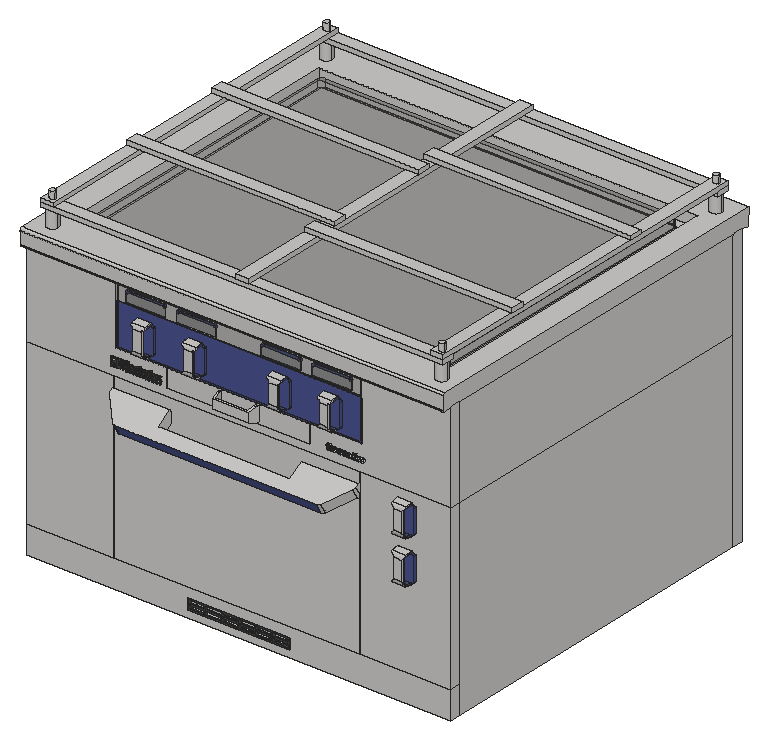
Revit family "QF_ELECTROLUXPROFESSIONAL_589884_MCLMEAJ8DM", category Specialty Equipment, Revit 2014
Parameters
  Weight in Pounds = 487.22
  URL Cutsheet = ""
  Type Mark [instance] = ""
  Specification by User [instance] = ""
  Specification by Manufacturer = ""
  Serial Number = ""
  Seismic Rating = ""
  SMACNA No = ""
  Revision Code [instance] = ""
  Omniclass Number and Title = ""
  NAFEM Spec ID Number = ""
  Model = "589585"
  Masterspec = ""
  Manufacturer = "ELECTROLUX"
  Item Number [instance] = ""
  Installed By [instance] = ""
  Identify Quantity as Lot [instance] = yes
  Furnished By [instance] = ""
  Foodservice Equipment Identifier [instance] = yes
  Description = "FULL IND+STAT.OVEN,TAP(L)1S,1200X900X700"
  CSI MasterFormat = ""
  CSI Master Format = ""
Reference planes
  plane 1 "BACK": y = 0
  plane 2: z = 0
  plane 3 "LEFT": x = -100
  plane 4 "RIGHT": x = 900
  plane 5 "FRONT": y = -900
  plane 6 "TOP": z = 900
  plane 7 "Center (Left/Right)": x = 400
  plane 8: y = -450
  plane 9: z = 200
  plane 10: y = -150
  plane 11 "Panel": y = -855
  plane 12: z = 798
  plane 13: z = 1327
  plane 14: x = -22
  plane 15: x = 822
  plane 16: y = -150
  plane 17: y = -650
  plane 18 "EIx": x = 855
  plane 19 "EIy": y = -685
  plane 20: y = -880
  plane 21 "G1": z = 940
  plane 22 "TOPG": z = 975
  plane 23 "G2": z = 950
  plane 24 "G3": z = 960
  plane 25: x = -60
  plane 26: y = -45
  plane 27: x = 860
Forms (mm)
  Extrusion 1, solid, material "QF_Finishes_Stainless Steel"
    sketch origin (-178.969, -4572, 200) x (-1, 0, 0) y (0, -1, 0)
      loop
        line (-78.969, -4527) -> (-78.969, -3717) -> (-1078.969, -3717) -> (-1078.969, -4527) -> (-78.969, -4527)
    from 450 to 663
  Extrusion 2, solid, material "QF_Finishes_Stainless Steel"
    sketch origin (-100, 0, 0) x (0, 1, 0) y (0, 0, 1)
      loop
        line (-855, 200) -> (-855, 265) -> (-880, 265) -> (-880, 200) -> (-855, 200)
    from 0 to 1000
  Extrusion 3, solid, material "QF_Finishes_Stainless Steel"
    sketch origin (-488.969, -4662, 200) x (-1, 0, 0) y (0, -1, 0)
      loop
        circle (-1343.969, -3977) r 6.35
    from 0 to -11.851
  Extrusion 4, solid, material "QF_Finishes_Stainless Steel"
    sketch origin (400, 296.4, 1219.2) x (0, 1, 0) y (0, 0, 1)
      loop
        line (-296.4, -319.2) -> (-1191.4, -319.2)
        arc (-1191.4, -319.2) -> (-1194.935, -320.664) -> (-1196.4, -324.2) r 5
        line (-1196.4, -324.2) -> (-1196.4, -355.2)
        arc (-1196.4, -355.2) -> (-1194.971, -358.264) -> (-1191.705, -359.139) r 4
        line (-1191.705, -359.139) -> (-1176.4, -356.231) -> (-316.4, -356.231) -> (-301.094, -359.139)
        arc (-301.094, -359.139) -> (-297.829, -358.264) -> (-296.4, -355.2) r 4
        line (-296.4, -355.2) -> (-296.4, -319.2)
    from -500 to 500
  Extrusion 5, solid, material "QF_Finishes_Electrolux_Black Smoke Iluminated"
    sketch origin (0, 0, 900) x (-1, 0, 0) y (0, -1, 0)
      loop
        arc (12, 109) -> (19.071, 111.929) -> (22, 119) r 10
        line (22, 119) -> (22, 780)
        arc (22, 780) -> (19.071, 787.071) -> (12, 790) r 10
        line (12, 790) -> (-812, 790)
        arc (-812, 790) -> (-819.071, 787.071) -> (-822, 780) r 10
        line (-822, 780) -> (-822, 119)
        arc (-822, 119) -> (-819.071, 111.929) -> (-812, 109) r 10
        line (-812, 109) -> (12, 109)
    from 0 to -20
  Extrusion 6, solid, material "QF_Finishes_Stainless Steel"
    sketch origin (-178.969, -4572, 200) x (-1, 0, 0) y (0, -1, 0)
      loop
        line (-78.969, -4527) -> (-78.969, -3717) -> (-1078.969, -3717) -> (-1078.969, -4527) -> (-78.969, -4527)
    from 450 to 0
  Extrusion 7, void
    sketch origin (0, -855, 0) x (-1, 0, 0) y (0, 0, 1)
      loop
        line (-520, 216.594) -> (-280, 216.594) -> (-280, 241.594) -> (-520, 241.594) -> (-520, 216.594)
    from 0 to -25
  Extrusion 8, solid, material "QF_Finishes_Black"
    sketch origin (0, -855, 0) x (-1, 0, 0) y (0, 0, 1)
      loop
        line (-280, 241.594) -> (-520, 241.594) -> (-520, 216.594) -> (-280, 216.594) -> (-280, 241.594)
      loop
        line (-282, 239.594) -> (-319.131, 239.594) -> (-319.131, 230.094) -> (-282, 230.094) -> (-282, 239.594)
      loop
        line (-282, 218.594) -> (-282, 228.094) -> (-319.131, 228.094) -> (-319.131, 218.594) -> (-282, 218.594)
      loop
        line (-321.131, 239.594) -> (-359.066, 239.594) -> (-359.066, 230.094) -> (-321.131, 230.094) -> (-321.131, 239.594)
      loop
        line (-399, 239.594) -> (-399, 230.094) -> (-361.066, 230.094) -> (-361.066, 239.594) -> (-399, 239.594)
      loop
        line (-401, 239.594) -> (-438.934, 239.594) -> (-438.934, 230.094) -> (-401, 230.094) -> (-401, 239.594)
      loop
        line (-359.066, 218.594) -> (-321.131, 218.594) -> (-321.131, 228.094) -> (-359.066, 228.094) -> (-359.066, 218.594)
      loop
        line (-361.066, 218.594) -> (-361.066, 228.094) -> (-399, 228.094) -> (-399, 218.594) -> (-361.066, 218.594)
      loop
        line (-401, 228.094) -> (-438.934, 228.094) -> (-438.934, 218.594) -> (-401, 218.594) -> (-401, 228.094)
      loop
        line (-518, 239.594) -> (-518, 230.094) -> (-480.869, 230.094) -> (-480.869, 239.594) -> (-518, 239.594)
      loop
        line (-518, 218.594) -> (-480.869, 218.594) -> (-480.869, 228.094) -> (-518, 228.094) -> (-518, 218.594)
      loop
        line (-478.869, 239.594) -> (-478.869, 230.094) -> (-440.934, 230.094) -> (-440.934, 239.594) -> (-478.869, 239.594)
      loop
        line (-440.934, 218.594) -> (-440.934, 228.094) -> (-478.869, 228.094) -> (-478.869, 218.594) -> (-440.934, 218.594)
    from -25.03 to -20
  Extrusion 9, void
    sketch origin (0, 0, 900) x (-1, 0, 0) y (0, -1, 0)
      loop
        line (47, 815) -> (-847, 815) -> (-847, 84) -> (47, 84) -> (47, 815)
    from 0 to -25
  Extrusion 10, solid, material "QF_Finishes_Stainless Steel"
    sketch origin (0, 0, 900) x (-1, 0, 0) y (0, -1, 0)
      loop
        line (18, 113) -> (18, 786) -> (-818, 786) -> (-818, 113) -> (18, 113)
    from -20 to -25
  Extrusion 11, solid, material "QF_Finishes_Stainless Steel"
    sketch origin (400, 296.4, 1219.169) x (0, 1, 0) y (0, 0, 1)
      loop
        line (-341.4, -356.2) -> (-341.4, -1019.169) -> (-316.4, -1019.169) -> (-316.4, -356.2) -> (-341.4, -356.2)
    from -500 to 500
  Extrusion 12, solid, material "QF_Finishes_Stainless Steel"
    sketch origin (0, 0, 940) x (0, 1, 0) y (-1, 0, 0)
      loop
        line (-30, 75) -> (-60, 75) -> (-60, -875) -> (-30, -875) -> (-30, 75)
      loop
        line (-870, 75) -> (-870, -875) -> (-840, -875) -> (-840, 75) -> (-870, 75)
      loop
        circle (-855, 60) r 6.5
      loop
        circle (-855, -860) r 6.5
      loop
        circle (-45, 60) r 6.5
      loop
        circle (-45, -860) r 6.5
    from 0 to 10
  Extrusion 13, solid, material "QF_Finishes_Stainless Steel"
    sketch origin (0, 0, 950) x (0, 1, 0) y (-1, 0, 0)
      loop
        line (-30, 75) -> (-870, 75) -> (-870, 45) -> (-30, 45) -> (-30, 75)
      loop
        line (-30, -875) -> (-30, -845) -> (-870, -845) -> (-870, -875) -> (-30, -875)
      loop
        line (-30, -415) -> (-30, -385) -> (-870, -385) -> (-870, -415) -> (-30, -415)
      loop
        circle (-45, 60) r 6.5
      loop
        circle (-45, -860) r 6.5
      loop
        circle (-855, 60) r 6.5
      loop
        circle (-855, -860) r 6.5
    from 0 to 10
  Extrusion 14, solid, material "QF_Finishes_Stainless Steel"
    sketch origin (0, 0, 960) x (0, 1, 0) y (-1, 0, 0)
      loop
        line (-336, 75) -> (-366, 75) -> (-366, -415) -> (-336, -415) -> (-336, 75)
      loop
        line (-586, 75) -> (-616, 75) -> (-616, -415) -> (-586, -415) -> (-586, 75)
      loop
        line (-286, -385) -> (-316, -385) -> (-316, -875) -> (-286, -875) -> (-286, -385)
      loop
        line (-636, -385) -> (-666, -385) -> (-666, -875) -> (-636, -875) -> (-636, -385)
    from 0 to 10
  Extrusion 15, solid, material "QF_Finishes_Stainless Steel"
    sketch origin (0, -1, 900) x (-1, 0, 0) y (0, -1, 0)
      loop
        circle (60, 44) r 13
      loop
        circle (-860, 44) r 13
      loop
        circle (60, 854) r 13
      loop
        circle (-860, 854) r 13
    from 0 to 40
  Extrusion 16, solid, material "QF_Finishes_Stainless Steel"
    sketch origin (0, -1, 940) x (0, 1, 0) y (-1, 0, 0)
      loop
        circle (-854, 60) r 6.5
      loop
        circle (-854, -860) r 6.5
      loop
        circle (-44, 60) r 6.5
      loop
        circle (-44, -860) r 6.5
    from 0 to 35
Cuts and joins
  Extrusion 7 cuts Extrusion 6
  Extrusion 7 cuts Extrusion 2
  Extrusion 9 cuts Extrusion 4
Lines and regions (mm)
  symbolic lines
    curve 1: line (-100, 0, 200) -> (900, 0, 200)
    curve 2: line (-100, -900, 200) -> (-100, 0, 200)
    curve 3: line (900, -900, 200) -> (-100, -900, 200)
    curve 4: line (900, 0, 200) -> (900, -900, 200)
    curve 5: line (812, -109, 200) -> (415, -109, 200)
    curve 6: line (-22, -119, 200) -> (-22, -780, 200)
    curve 7: line (-12, -790, 200) -> (385, -790, 200)
    curve 8: line (822, -780, 200) -> (822, -666, 200)
    curve 9: arc (-12, -109, 200) -> (-19.071, -111.929, 200) -> (-22, -119, 200) r 10
    curve 10: arc (822, -119, 200) -> (819.071, -111.929, 200) -> (812, -109, 200) r 10
    curve 11: arc (812, -790, 200) -> (819.071, -787.071, 200) -> (822, -780, 200) r 10
    curve 12: arc (-22, -780, 200) -> (-19.071, -787.071, 200) -> (-12, -790, 200) r 10
    curve 13: line (847, -84, 900) -> (415, -84, 900)
    curve 14: line (-45, -815, 900) -> (385, -815, 900)
    curve 31: line (875, -30, 940) -> (-75, -30, 940)
    curve 32: line (-75, -30, 940) -> (-75, -870, 940)
    curve 33: line (875, -870, 940) -> (875, -30, 940)
    curve 34: line (-75, -870, 940) -> (875, -870, 940)
    curve 35: line (-45, -870, 940) -> (-45, -616, 940)
    curve 36: line (-75, -616, 940) -> (415, -616, 940)
    curve 37: line (415, -586, 940) -> (-75, -586, 940)
    curve 38: line (385, -666, 940) -> (875, -666, 940)
    curve 39: line (875, -636, 940) -> (385, -636, 940)
    curve 40: line (385, -316, 940) -> (875, -316, 940)
    curve 41: line (875, -286, 940) -> (385, -286, 940)
    curve 42: line (-75, -366, 940) -> (415, -366, 940)
    curve 43: line (415, -336, 940) -> (-75, -336, 940)
    curve 44: line (-45, -30, 940) -> (-45, -336, 940)
    curve 45: line (-45, -366, 940) -> (-45, -586, 940)
    curve 46: line (-45, -616, 940) -> (-45, -870, 940)
    curve 47: line (-45, -840, 940) -> (385, -840, 940)
    curve 48: line (415, -840, 940) -> (845, -840, 940)
    curve 49: line (415, -870, 940) -> (415, -666, 940)
    curve 50: line (385, -616, 940) -> (385, -870, 940)
    curve 51: line (415, -636, 940) -> (415, -316, 940)
    curve 52: line (385, -366, 940) -> (385, -586, 940)
    curve 53: line (415, -30, 940) -> (415, -286, 940)
    curve 54: line (385, -336, 940) -> (385, -30, 940)
    curve 55: line (845, -30, 940) -> (845, -286, 940)
    curve 56: line (845, -316, 940) -> (845, -636, 940)
    curve 57: line (845, -666, 940) -> (845, -870, 940)
    curve 58: line (385, -84, 900) -> (-45, -84, 900)
    curve 59: line (385, -109, 200) -> (-12, -109, 200)
    curve 60: line (-45, -60, 940) -> (385, -60, 940)
    curve 61: line (415, -60, 940) -> (845, -60, 940)
    curve 62: line (415, -790, 200) -> (812, -790, 200)
    curve 63: line (415, -815, 900) -> (845, -815, 900)
    curve 64: circle (-60, -45, 940) r 6.5 normal (0, 0, -1)
    curve 65: circle (860, -45, 940) r 6.5 normal (0, 0, -1)
    curve 66: circle (-60, -855, 940) r 6.5 normal (0, 0, 1)
    curve 67: circle (860, -855, 940) r 6.5 normal (0, 0, 1)
    curve 68: line (822, -286, 200) -> (822, -119, 200)
    curve 69: line (822, -636, 200) -> (822, -316, 200)
  model lines, style "SpecialityEquipment"
    curve 15: arc (634, -211, 900) -> (580.967, -339.033, 900) -> (709, -286, 900) r 75
    curve 16: line (689, -286, 900) -> (729, -286, 900)
    curve 17: line (729, -286, 900) -> (709, -266, 900)
    curve 18: line (689, -286, 900) -> (709, -266, 900)
    curve 19: arc (166, -211, 900) -> (112.967, -339.033, 900) -> (241, -286, 900) r 75
    curve 20: line (221, -286, 900) -> (261, -286, 900)
    curve 21: line (261, -286, 900) -> (241, -266, 900)
    curve 22: line (221, -286, 900) -> (241, -266, 900)
    curve 23: arc (634, -539, 900) -> (580.967, -667.033, 900) -> (709, -614, 900) r 75
    curve 24: line (689, -614, 900) -> (729, -614, 900)
    curve 25: line (729, -614, 900) -> (709, -594, 900)
    curve 26: line (689, -614, 900) -> (709, -594, 900)
    curve 27: arc (166, -539, 900) -> (112.967, -667.033, 900) -> (241, -614, 900) r 75
    curve 28: line (221, -614, 900) -> (261, -614, 900)
    curve 29: line (261, -614, 900) -> (241, -594, 900)
    curve 30: line (221, -614, 900) -> (241, -594, 900)
Dimensions and locks
  plane 3 "LEFT" to plane 4 "RIGHT" = 1000 mm
  plane 5 "FRONT" to plane 1 "BACK" = 900 mm
  plane 3 "LEFT" to plane 7 "Center (Left/Right)" to plane 4 "RIGHT" = 500 mm, 500 mm
  equal spacing: plane 5 "FRONT", plane 8, plane 1 "BACK"
  plane 6 "TOP" to level = 900 mm  (x2)
  plane 9 to level = 200 mm
  plane 1 "BACK" to plane 10 to plane 11 "Panel" = 150 mm, 705 mm  (x2)
  plane 6 "TOP" to plane 9 to level = 700 mm, 200 mm
  plane 1 "BACK" to plane 5 "FRONT" = 900 mm
  plane 1 "BACK" to Extrusion 3 = 685 mm
  plane 12 to plane 9 = 598 mm
  plane 13 to plane 6 "TOP" = 427 mm
  plane 6 "TOP" to plane 12 = 102 mm
  plane 14 to plane 3 "LEFT" = 78 mm
  plane 15 to plane 4 "RIGHT" = 78 mm
  locked: plane 1 "BACK" to plane 16 at 150
  locked: plane 16 to plane 17 at 500
  plane 11 "Panel" to plane 5 "FRONT" = 45 mm
  plane 18 "EIx" to plane 4 "RIGHT" = 45 mm
  plane 19 "EIy" to plane 1 "BACK" = 685 mm
  locked: plane 11 "Panel" to plane 20 at 25
  plane 22 "TOPG" to plane 6 "TOP" = 75 mm
  plane 21 "G1" to plane 6 "TOP" = 40 mm
  plane 23 "G2" to plane 21 "G1" = 10 mm
  plane 24 "G3" to plane 23 "G2" = 10 mm
  aligned and locked: level to plane 2
  aligned and locked: Extrusion 2 to plane 4 "RIGHT"
  aligned and locked: cut or joined group of Extrusion 4, Extrusion 9 to plane 3 "LEFT"
  aligned and locked: cut or joined group of Extrusion 4, Extrusion 9 to plane 4 "RIGHT"
  aligned and locked: cut or joined group of Extrusion 6, Extrusion 7 to plane 4 "RIGHT"
  aligned and locked: cut or joined group of Extrusion 6, Extrusion 7 to plane 3 "LEFT"
  aligned and locked: nested 1 to plane 11 "Panel"
  aligned and locked: nested 4 to plane 11 "Panel"
  aligned and locked: Extrusion 1 to plane 11 "Panel"
  aligned and locked: plane 11 "Panel" to cut or joined group of Extrusion 2, Extrusion 7
  aligned and locked: nested 2 to plane 20
  aligned and locked: nested 3 to plane 20
  aligned and locked: Extrusion 11 to plane 4 "RIGHT"
  aligned and locked: Extrusion 1 to plane 3 "LEFT"
  aligned and locked: Extrusion 11 to plane 3 "LEFT"
  aligned and locked: Extrusion 1 to plane 4 "RIGHT"
  aligned and locked: plane 3 "LEFT" to nested 1
  aligned and locked: Extrusion 11 to plane 9
  aligned and locked: plane 22 "TOPG" to Extrusion 16
Automatic sketch dimensions
  Extrusion 1 sketch curve to plane 4 "RIGHT" = 0 mm
  Extrusion 1 sketch curve to plane 3 "LEFT" = 0 mm
  Extrusion 1 sketch curve to plane 26 = 0 mm
  Extrusion 1 sketch curve to plane 11 "Panel" = 0 mm
  Extrusion 2 sketch curve to plane 9 = 0 mm
  Extrusion 2 sketch curve to plane 20 = 0 mm
  Extrusion 2 sketch curve to plane 11 "Panel" = 0 mm
  plane 9 to Extrusion 2 sketch curve = 65 mm
  plane 1 "BACK" to curve 1 = 0 mm
  curve 1 to plane 4 "RIGHT" = 0 mm
  curve 68 to plane 15 = 0 mm
  curve 69 to plane 15 = 0 mm
  curve 8 to plane 15 = 0 mm
  curve 6 to plane 14 = 0 mm
  curve 2 to plane 3 "LEFT" = 0 mm
  plane 5 "FRONT" to curve 2 = 0 mm
  plane 15 to curve 11 = 10 mm
  plane 15 to curve 5 = 10 mm
  curve 59 to plane 14 = 10 mm
  curve 12 to curve 12 = 10 mm
  plane 10 to curve 59 = 41 mm
  plane 10 to curve 5 = 41 mm
  plane 11 "Panel" to curve 6 = 75 mm
  plane 11 "Panel" to curve 8 = 75 mm
  plane 7 "Center (Left/Right)" to curve 5 = 15 mm
  plane 7 "Center (Left/Right)" to curve 62 = 15 mm
  curve 7 to plane 7 "Center (Left/Right)" = 15 mm
  curve 59 to plane 7 "Center (Left/Right)" = 15 mm
  curve 68 to plane 10 = 136 mm
  curve 68 to curve 69 = 30 mm
  curve 69 to plane 17 = 14 mm
  plane 17 to curve 8 = 16 mm
  Extrusion 3 sketch curve to plane 18 "EIx" = 0 mm
  Extrusion 3 sketch curve to plane 19 "EIy" = 0 mm
  Extrusion 4 sketch curve to plane 5 "FRONT" = 0 mm
  Extrusion 4 sketch curve to plane 6 "TOP" = 0 mm
  Extrusion 4 sketch curve to plane 20 = 0 mm
  Extrusion 4 sketch curve to plane 1 "BACK" = 0 mm
  Extrusion 4 sketch curve to Extrusion 4 sketch curve = 4 mm
  Extrusion 4 sketch curve to Extrusion 4 sketch curve = 0.695 mm
  Extrusion 4 sketch curve to plane 5 "FRONT" = 5 mm
  plane 1 "BACK" to Extrusion 4 sketch curve = 20 mm
  plane 1 "BACK" to Extrusion 4 sketch curve = 4.695 mm
  plane 1 "BACK" to Extrusion 4 sketch curve = 4 mm
  Extrusion 4 sketch curve to Extrusion 4 sketch curve = 31 mm
  Extrusion 4 sketch curve to Extrusion 4 sketch curve = 36 mm
  Extrusion 4 sketch curve to Extrusion 4 sketch curve = 2.909 mm
  Extrusion 5 sketch curve to plane 15 = 0 mm
  Extrusion 5 sketch curve to plane 14 = 0 mm
  plane 15 to Extrusion 5 sketch curve = 10 mm  (x2)
  Extrusion 5 sketch curve to Extrusion 5 sketch curve = 10 mm  (x2)
  plane 10 to Extrusion 5 sketch curve = 41 mm
  plane 11 "Panel" to Extrusion 5 sketch curve = 75 mm
  Extrusion 6 sketch curve to plane 4 "RIGHT" = 0 mm
  Extrusion 6 sketch curve to plane 3 "LEFT" = 0 mm
  Extrusion 6 sketch curve to plane 26 = 0 mm
  Extrusion 6 sketch curve to plane 11 "Panel" = 0 mm
  plane 9 to Extrusion 7 sketch curve = 41.594 mm
  plane 7 "Center (Left/Right)" to Extrusion 7 sketch curve = 120 mm
  Extrusion 7 sketch curve to plane 7 "Center (Left/Right)" = 120 mm
  plane 9 to Extrusion 7 sketch curve = 16.594 mm
  plane 9 to Extrusion 8 sketch curve = 41.594 mm
  plane 7 "Center (Left/Right)" to Extrusion 8 sketch curve = 120 mm
  Extrusion 8 sketch curve to Extrusion 8 sketch curve = 2 mm  (x15)
  Extrusion 8 sketch curve to Extrusion 8 sketch curve = 0 mm  (x16)
  Extrusion 8 sketch curve to Extrusion 8 sketch curve = 37.131 mm  (x2)
  Extrusion 8 sketch curve to Extrusion 8 sketch curve = 37.934 mm  (x3)
  plane 7 "Center (Left/Right)" to Extrusion 8 sketch curve = 1 mm  (x2)
  Extrusion 8 sketch curve to plane 7 "Center (Left/Right)" = 1 mm  (x2)
  plane 9 to Extrusion 8 sketch curve = 18.594 mm  (x4)
  Extrusion 8 sketch curve to Extrusion 8 sketch curve = 9.5 mm  (x6)
  plane 18 "EIx" to Extrusion 9 sketch curve = 8 mm
  plane 25 to Extrusion 9 sketch curve = 13 mm
  Extrusion 9 sketch curve to plane 26 = 39 mm
  plane 11 "Panel" to Extrusion 9 sketch curve = 40 mm
  plane 15 to Extrusion 10 sketch curve = 4 mm
  Extrusion 10 sketch curve to plane 14 = 4 mm
  plane 10 to Extrusion 10 sketch curve = 37 mm
  plane 11 "Panel" to Extrusion 10 sketch curve = 69 mm
  plane 15 to curve 16 = 93 mm
  curve 24 to plane 17 = 36 mm
  plane 15 to curve 24 = 93 mm
  curve 24 to curve 25 = 20 mm
  curve 16 to curve 17 = 20 mm
  curve 26 to curve 26 = 20 mm
  curve 17 to curve 16 = 20 mm
  curve 16 to curve 15 = 55 mm
  curve 24 to curve 23 = 55 mm
  curve 21 to plane 7 "Center (Left/Right)" = 139 mm
  curve 29 to plane 17 = 36 mm
  curve 29 to plane 7 "Center (Left/Right)" = 139 mm
  curve 28 to curve 30 = 20 mm
  curve 20 to curve 22 = 20 mm
  curve 21 to curve 22 = 20 mm
  curve 30 to curve 28 = 20 mm
  curve 20 to curve 19 = 55 mm
  curve 28 to curve 27 = 55 mm
  curve 18 to plane 10 = 136 mm
  curve 22 to plane 10 = 136 mm
  plane 18 "EIx" to curve 63 = 10 mm
  plane 18 "EIx" to curve 13 = 8 mm
  curve 15 to curve 16 = 20 mm
  curve 23 to curve 24 = 20 mm
  plane 7 "Center (Left/Right)" to curve 13 = 15 mm
  plane 7 "Center (Left/Right)" to curve 63 = 15 mm
  curve 58 to plane 7 "Center (Left/Right)" = 15 mm
  curve 14 to plane 7 "Center (Left/Right)" = 15 mm
  curve 19 to curve 20 = 20 mm
  curve 27 to curve 28 = 20 mm
  plane 25 to curve 14 = 15 mm
  plane 25 to curve 58 = 15 mm
  curve 13 to plane 26 = 39 mm
  curve 58 to curve 13 = 0 mm
  plane 11 "Panel" to curve 14 = 40 mm
  curve 14 to curve 63 = 0 mm
  Extrusion 11 sketch curve to plane 9 = 0 mm
  Extrusion 11 sketch curve to plane 26 = 0 mm
  plane 1 "BACK" to Extrusion 11 sketch curve = 20 mm
  Extrusion 11 sketch curve to plane 6 "TOP" = 37.031 mm
  Extrusion 12 sketch curve to plane 11 "Panel" = 0 mm  (x2)
  Extrusion 12 sketch curve to plane 25 = 0 mm  (x2)
  Extrusion 12 sketch curve to plane 26 = 0 mm  (x2)
  Extrusion 12 sketch curve to plane 27 = 0 mm  (x2)
  Extrusion 12 sketch curve to plane 20 = 10 mm
  plane 11 "Panel" to Extrusion 12 sketch curve = 15 mm
  Extrusion 12 sketch curve to plane 26 = 15 mm
  plane 26 to Extrusion 12 sketch curve = 15 mm
  plane 27 to Extrusion 12 sketch curve = 15 mm  (x2)
  Extrusion 12 sketch curve to plane 25 = 15 mm  (x2)
  Extrusion 13 sketch curve to plane 11 "Panel" = 0 mm  (x2)
  Extrusion 13 sketch curve to plane 26 = 0 mm  (x2)
  Extrusion 13 sketch curve to plane 25 = 0 mm  (x2)
  Extrusion 13 sketch curve to plane 27 = 0 mm  (x2)
  Extrusion 13 sketch curve to plane 20 = 10 mm  (x3)
  plane 26 to Extrusion 13 sketch curve = 15 mm  (x3)
  plane 27 to Extrusion 13 sketch curve = 15 mm
  plane 18 "EIx" to Extrusion 13 sketch curve = 10 mm
  plane 7 "Center (Left/Right)" to Extrusion 13 sketch curve = 15 mm
  Extrusion 13 sketch curve to plane 7 "Center (Left/Right)" = 15 mm
  plane 25 to Extrusion 13 sketch curve = 15 mm
  Extrusion 13 sketch curve to plane 25 = 15 mm
  plane 17 to Extrusion 14 sketch curve = 16 mm
  Extrusion 14 sketch curve to plane 17 = 14 mm
  Extrusion 14 sketch curve to plane 25 = 15 mm  (x2)
  Extrusion 14 sketch curve to plane 17 = 34 mm
  Extrusion 14 sketch curve to Extrusion 14 sketch curve = 30 mm  (x3)
  plane 8 to Extrusion 14 sketch curve = 84 mm
  Extrusion 14 sketch curve to plane 7 "Center (Left/Right)" = 15 mm  (x2)
  Extrusion 14 sketch curve to Extrusion 14 sketch curve = 20 mm
  plane 7 "Center (Left/Right)" to Extrusion 14 sketch curve = 15 mm  (x2)
  plane 27 to Extrusion 14 sketch curve = 15 mm  (x2)
  Extrusion 15 sketch curve to plane 26 = 0 mm  (x2)
  Extrusion 15 sketch curve to plane 27 = 0 mm  (x2)
  Extrusion 15 sketch curve to plane 11 "Panel" = 0 mm  (x2)
  Extrusion 15 sketch curve to plane 25 = 0 mm  (x2)
  Extrusion 16 sketch curve to plane 11 "Panel" = 0 mm  (x2)
  Extrusion 16 sketch curve to plane 26 = 0 mm  (x2)
  Extrusion 16 sketch curve to plane 25 = 0 mm  (x2)
  Extrusion 16 sketch curve to plane 27 = 0 mm  (x2)
  curve 66 to plane 11 "Panel" = 0 mm
  curve 67 to plane 11 "Panel" = 0 mm
  curve 64 to plane 25 = 0 mm
  curve 64 to plane 26 = 0 mm
  curve 65 to plane 26 = 0 mm
  curve 65 to plane 27 = 0 mm
  curve 67 to plane 27 = 0 mm
  curve 66 to plane 25 = 0 mm
  curve 34 to plane 20 = 10 mm
  plane 26 to curve 33 = 15 mm
  plane 27 to curve 33 = 15 mm
  curve 32 to plane 25 = 15 mm
  plane 11 "Panel" to curve 47 = 15 mm
  plane 11 "Panel" to curve 48 = 15 mm
  plane 17 to curve 57 = 16 mm
  curve 56 to plane 17 = 14 mm
  curve 39 to curve 50 = 20 mm
  curve 35 to curve 45 = 30 mm
  curve 52 to plane 7 "Center (Left/Right)" = 15 mm
  plane 8 to curve 52 = 84 mm
  curve 54 to plane 7 "Center (Left/Right)" = 15 mm
  curve 52 to curve 54 = 30 mm
  curve 43 to curve 51 = 20 mm
  curve 51 to curve 53 = 30 mm
  curve 60 to plane 26 = 15 mm
  curve 61 to plane 26 = 15 mm
  plane 18 "EIx" to curve 57 = 10 mm
  plane 18 "EIx" to curve 56 = 10 mm
  plane 18 "EIx" to curve 55 = 10 mm
  plane 7 "Center (Left/Right)" to curve 49 = 15 mm
  plane 7 "Center (Left/Right)" to curve 61 = 15 mm
  plane 7 "Center (Left/Right)" to curve 51 = 15 mm
  curve 38 to plane 7 "Center (Left/Right)" = 15 mm
  plane 25 to curve 46 = 15 mm
  plane 25 to curve 47 = 15 mm
  plane 25 to curve 45 = 15 mm
  plane 25 to curve 44 = 15 mm
  radius of Extrusion 3 sketch curve = 6.35 mm
  radius of Extrusion 12 sketch curve = 6.5 mm  (x4)
  radius of Extrusion 13 sketch curve = 6.5 mm  (x4)
  radius of Extrusion 15 sketch curve = 13 mm  (x4)
  radius of Extrusion 16 sketch curve = 6.5 mm  (x4)
  radius of curve 64 = 6.5 mm
  radius of curve 65 = 6.5 mm
  radius of curve 66 = 6.5 mm
  radius of curve 67 = 6.5 mm
Nested families
  nested 1: "Door_Panel_W1000_A" at (400, -855, 0), type "Door_Panel_W1000_A"
  nested 2: "FIT Range Control Handle" at (795, -883.137, -372.751), type "FIT Range Control Handle"
  nested 3: "FIT Range Control Handle" at (795, -883.137, -474.751), type "FIT Range Control Handle"
  nested 4: "Front_Panel_W1000_Four Knobs_Marine" at (102.376, -855, 0), type "Front_Panel_W1000_Four Knobs_Marine"
Connectors
  electrical at (855, -685, 188.149)
    settings: on Extrusion 3, index 1, voltage 400 V, apparent load 33000 VA, apparent load phase1 0 VA, apparent load phase2 0 VA, apparent load phase3 0 VA, power factor 1, load classification "Other", number of poles 1, system type 30, power factor state 1, is connector primary yes, connector utility no, sub classification motor no, connector description "ELECTRICAL CONNECTION"
Definition of nested family "Door_Panel_W1000_A"
  Reference planes
    plane 1 "Center (Front/Back)": y = 0
    plane 2 "Ref. Level": z = 0
    plane 3: x = 500
    plane 4: x = -500
    plane 5 "Center (Left/Right)": x = 0
    plane 6: x = -295
    plane 7: x = 285
    plane 8 "Manopola": through (-6096, -50.059, 612.389) normal (0, -0.515, 0.8572)
    plane 9 "Top": z = 650
    plane 10: z = 265
    plane 11: z = 200
  Forms (mm)
    Extrusion 1, solid, material "QF_Finishes_Stainless Steel"
      sketch origin (0, 0, 0) x (0, 1, 0) y (0, 0, 1)
        loop
          line (-25.03, 650) -> (-25.03, 265) -> (0, 265) -> (0, 650) -> (-25.03, 650)
      from 285 to 500
    Extrusion 2, solid, material "QF_Finishes_Stainless Steel"
      sketch origin (0, 0, 0) x (0, 1, 0) y (0, 0, 1)
        loop
          line (-25.03, 650) -> (-25.03, 265) -> (0, 265) -> (0, 650) -> (-25.03, 650)
      from -500 to -295
    Extrusion 3, solid, material "QF_Finishes_Stainless Steel"
      sketch origin (0, 0, 0) x (0, 1, 0) y (0, 0, 1)
        loop
          line (-25.03, 650) -> (-25.03, 265) -> (0, 265) -> (0, 650) -> (-25.03, 650)
      from -295 to 285
    Extrusion 4, solid, material "QF_Finishes_Stainless Steel"
      sketch origin (0, -283.633, 472.044) x (0, 0.857167, 0.515038) y (-1, 0, 0)
        loop
          line (299.12, -285) -> (299.12, 295) -> (290.982, 295)
          arc (290.982, 295) -> (286.677, 294.026) -> (283.211, 291.293) r 10
          line (283.211, 291.293) -> (233.28, 250.86)
          arc (233.28, 250.86) -> (230.548, 247.394) -> (229.574, 243.089) r 10
          line (229.574, 243.089) -> (229.574, -233.089)
          arc (229.574, -233.089) -> (230.548, -237.394) -> (233.28, -240.86) r 10
          line (233.28, -240.86) -> (283.211, -281.293)
          arc (283.211, -281.293) -> (286.677, -284.026) -> (290.982, -285) r 10
          line (290.982, -285) -> (299.12, -285)
      from -27 to 0
    Extrusion 5, void
      sketch origin (0, 0, 0) x (0, 1, 0) y (0, 0, 1)
        loop
          line (-61.514, 605.507) -> (-47.608, 582.363) -> (-25.03, 595.93) -> (-25.03, 627.429) -> (-61.514, 605.507)
      from -160 to 150
    Extrusion 6, solid, material "QF_Door-Drawer Clearances", detail levels coarse
      sketch origin (0, 0, 0) x (0, 1, 0) y (0, 0, 1)
        loop
          line (-25.03, 265) -> (-25.03, 650)
          arc (-25.03, 650) -> (-297.266, 537.236) -> (-410.03, 265) r 385
          line (-410.03, 265) -> (-25.03, 265)
      from -295 to 285
  Cuts and joins
    Extrusion 5 cuts Extrusion 4
    joined: Extrusion 3, Extrusion 4
  Lines and regions (mm)
    symbolic lines
      curve 1: line (-287.355, -45.043, 0) -> (-250.86, -83.673, 0)
      curve 2: line (-243.089, -86.85, 0) -> (233.089, -86.85, 0)
      curve 3: line (240.86, -83.673, 0) -> (277.355, -45.043, 0)
      curve 4: arc (-243.089, -86.85, 0) -> (-247.318, -86.101, 0) -> (-250.86, -83.673, 0) r 10.165
      curve 5: arc (233.089, -86.85, 0) -> (237.318, -86.101, 0) -> (240.86, -83.673, 0) r 10.165
    symbolic lines, style "SpecialityEquipmentHiddenLines"
      curve 6: line (-295, -45.043, 0) -> (-295, -410.03, 0)
      curve 7: line (-295, -410.03, 0) -> (285, -410.03, 0)
      curve 8: line (285, -410.03, 0) -> (285, -45.03, 0)
  Dimensions and locks
    plane 3 to plane 4 = 1000 mm
    plane 4 to plane 3 = 1000 mm
    equal spacing: plane 3, plane 5 "Center (Left/Right)", plane 4
    plane 6 to plane 4 = 205 mm
    plane 3 to plane 7 = 215 mm
    plane 11 to level = 200 mm
    plane 10 to plane 11 = 65 mm
    plane 10 to plane 9 "Top" = 385 mm
    plane 9 "Top" to plane 11 = 450 mm
    aligned and locked: plane 3 to Extrusion 1
    aligned and locked: cut or joined group of Extrusion 3, Extrusion 4, Extrusion 5 to plane 6
    aligned and locked: cut or joined group of Extrusion 3, Extrusion 4, Extrusion 5 to plane 7
    aligned and locked: plane 7 to Extrusion 1
    aligned and locked: plane 6 to Extrusion 2
    aligned and locked: Extrusion 2 to plane 4
    aligned and locked: plane 10 to Extrusion 2
    aligned and locked: plane 10 to cut or joined group of Extrusion 3, Extrusion 4, Extrusion 5
    aligned and locked: plane 10 to Extrusion 1
    aligned and locked: Extrusion 6 to plane 6
    aligned and locked: Extrusion 6 to plane 7
  Automatic sketch dimensions
    Extrusion 5 sketch curve to plane 8 "Manopola" = 0 mm  (x2)
    plane 1 "Center (Front/Back)" to Extrusion 5 sketch curve = 61.514 mm
    Extrusion 5 sketch curve to Extrusion 5 sketch curve = 13.906 mm
    plane 1 "Center (Front/Back)" to Extrusion 5 sketch curve = 25.03 mm
    Extrusion 4 sketch curve to plane 7 = 0 mm
    Extrusion 4 sketch curve to plane 6 = 0 mm
    plane 6 to Extrusion 4 sketch curve = 51.911 mm
    plane 7 to Extrusion 4 sketch curve = 44.14 mm
    Extrusion 4 sketch curve to Extrusion 4 sketch curve = 3.707 mm  (x2)
    plane 6 to Extrusion 4 sketch curve = 44.14 mm
    plane 7 to Extrusion 4 sketch curve = 3.707 mm
    Extrusion 4 sketch curve to Extrusion 4 sketch curve = 49.93 mm  (x2)
    plane 6 to Extrusion 4 sketch curve = 3.707 mm
    Extrusion 4 sketch curve to Extrusion 4 sketch curve = 7.771 mm  (x3)
    Extrusion 4 sketch curve to Extrusion 4 sketch curve = 8.138 mm
    Extrusion 2 sketch curve to plane 1 "Center (Front/Back)" = 0 mm
    Extrusion 3 sketch curve to plane 1 "Center (Front/Back)" = 0 mm
    Extrusion 1 sketch curve to plane 1 "Center (Front/Back)" = 0 mm
    Extrusion 2 sketch curve to plane 9 "Top" = 0 mm
    Extrusion 2 sketch curve to Extrusion 2 sketch curve = 25.03 mm
    Extrusion 3 sketch curve to plane 9 "Top" = 0 mm
    Extrusion 3 sketch curve to Extrusion 3 sketch curve = 25.03 mm
    Extrusion 1 sketch curve to plane 9 "Top" = 0 mm
    plane 1 "Center (Front/Back)" to Extrusion 1 sketch curve = 25.03 mm
    level to Extrusion 1 sketch curve = 265 mm
    level to Extrusion 2 sketch curve = 265 mm
    level to Extrusion 3 sketch curve = 265 mm
    plane 10 to Extrusion 6 sketch curve = 0 mm
    Extrusion 6 sketch curve to plane 9 "Top" = 0 mm
    plane 1 "Center (Front/Back)" to Extrusion 6 sketch curve = 25.03 mm
    curve 7 to plane 7 = 0 mm
    plane 6 to curve 1 = 44.14 mm
    curve 4 to curve 4 = 7.389 mm
    curve 4 to curve 2 = 7.771 mm
    plane 7 to curve 2 = 51.911 mm
    curve 2 to curve 5 = 0.382 mm
    curve 2 to curve 3 = 7.771 mm
    plane 1 "Center (Front/Back)" to curve 6 = 410.03 mm
    plane 1 "Center (Front/Back)" to curve 2 = 86.85 mm
    curve 2 to curve 3 = 3.177 mm
    curve 2 to curve 1 = 3.177 mm
    plane 7 to curve 3 = 7.645 mm
    plane 1 "Center (Front/Back)" to curve 3 = 45.043 mm
    curve 3 to curve 8 = 0.013 mm
    curve 7 to plane 6 = 0 mm
    curve 6 to curve 1 = 7.645 mm
    plane 1 "Center (Front/Back)" to curve 1 = 45.043 mm
    curve 6 to curve 1 = 0 mm
Definition of nested family "FIT Range Control Handle"
  Reference planes
    plane 1 "Center (Front/Back)": y = 0
    plane 2: z = 0
    plane 3 "Center (Left/Right)": x = 0
    plane 4: z = 971.092
    plane 5: y = -16.8
  Forms (mm)
    Extrusion 1, solid, material "QF_Finishes_Electrolux Cyan"
      sketch origin (-746.28, 380.497, 208.931) x (-1, 0, 0) y (0, 0, 1)
        loop
          line (-770.101, 786.798) -> (-770.101, 731.649)
          arc (-770.101, 731.649) -> (-769.759, 730.563) -> (-768.855, 729.87) r 1.893
          line (-768.855, 729.87) -> (-763.474, 727.911) -> (-729.81, 727.911) -> (-724.428, 729.87)
          arc (-724.428, 729.87) -> (-723.525, 730.563) -> (-723.183, 731.649) r 1.893
          line (-723.183, 731.649) -> (-723.183, 786.798)
          arc (-723.183, 786.798) -> (-723.529, 787.894) -> (-724.44, 788.593) r 1.91
          line (-724.44, 788.593) -> (-729.683, 790.819) -> (-763.601, 790.819) -> (-768.844, 788.593)
          arc (-768.844, 788.593) -> (-769.755, 787.894) -> (-770.101, 786.798) r 1.91
      from -382.35 to -378.852
    Sweep 2, solid, material "QF_Finishes_Electrolux Cyan"
      path origin (-746.788, 380.496, 208.091) x (0, -1, 0) y (0, 0, 1)
        loop
          line (379.775, 793.281) -> (395.661, 791.048)
          arc (395.661, 791.048) -> (397.781, 787.377) -> (398.517, 783.202) r 12.207
          line (398.517, 783.202) -> (398.517, 737.368)
          arc (398.517, 737.368) -> (397.781, 733.193) -> (395.661, 729.522) r 12.207
          line (395.661, 729.522) -> (379.775, 727.289)
      profile origin (-746.788, -7.222, 1000.256) x (0, -0.139173, 0.990268) y (-1, 0, 0)
        loop
          line (0.782, -763.123) -> (0.782, -730.907) -> (-1.322, -730.907) -> (-1.322, -763.123) -> (0.782, -763.123)
    Sweep 3, solid, material "QF_Finishes_Stainless Steel"
      path origin (-746.788, 380.715, 207.832) x (0, -1, 0) y (0, 0, 1)
        loop
          line (380.478, 795.442) -> (397.218, 793.09)
          arc (397.218, 793.09) -> (399.929, 788.473) -> (400.871, 783.202) r 15.207
          line (400.871, 783.202) -> (400.871, 737.584)
          arc (400.871, 737.584) -> (399.914, 732.274) -> (397.164, 727.633) r 15.207
          line (397.164, 727.633) -> (380.601, 725.305)
      profile origin (-746.788, -8.132, 1002.099) x (0, -0.139173, 0.990268) y (-1, 0, 0)
        loop
          line (0.782, -763.123) -> (0.782, -730.907) -> (-1.322, -730.907) -> (-1.322, -763.123) -> (0.782, -763.123)
    Extrusion 4, void
      sketch origin (889.253, 220.666, 207.993) x (1, 0, 0) y (0, 0, 1)
        loop
          line (-943.038, 816.854) -> (-943.038, 703.686) -> (-899.466, 734.196) -> (-899.466, 786.344) -> (-943.038, 816.854)
      from 230.636 to 242.25
    Extrusion 5, void
      sketch origin (-888.8, 220.666, 207.993) x (-1, 0, 0) y (0, 0, -1)
        loop
          line (-943.038, -816.854) -> (-899.466, -786.344) -> (-899.466, -734.196) -> (-943.038, -703.686) -> (-943.038, -816.854)
      from 230.636 to 242.25
    Extrusion 6, solid, material "QF_Finishes_Electrolux Cyan"
      sketch origin (0, 0, 0) x (1, 0, 0) y (0, 0, 1)
        loop
          circle (0, 971.092) r 7.736
      from -3.137 to -1.645
  Cuts and joins
    Extrusion 4, Extrusion 5 cuts Sweep 3
    Extrusion 4, Extrusion 5 cuts Sweep 2
    joined: Extrusion 1, Extrusion 6
  Lines and regions (mm)
    symbolic lines
      curve 1: line (-15.881, -19.189, 0) -> (-15.881, -16.8, 0)
      curve 2: line (16.334, -19.189, 0) -> (16.334, -16.8, 0)
      curve 3: spline (-15.881, -19.189, 0) -> (-15.417, -19.349, 0) -> (-14.951, -19.501, 0) -> (-14.483, -19.646, 0) -> (-14.014, -19.783, 0) -> (-13.543, -19.912, 0) -> (-13.071, -20.033, 0) -> (-12.597, -20.146, 0) -> (-12.122, -20.251, 0) -> (-11.646, -20.349, 0) -> (-11.169, -20.438, 0) -> (-10.691, -20.52, 0) -> (-10.213, -20.593, 0)
      curve 4: spline (10.666, -20.593, 0) -> (11.144, -20.52, 0) -> (11.622, -20.438, 0) -> (12.099, -20.349, 0) -> (12.575, -20.251, 0) -> (13.05, -20.146, 0) -> (13.524, -20.033, 0) -> (13.996, -19.912, 0) -> (14.467, -19.783, 0) -> (14.936, -19.646, 0) -> (15.404, -19.501, 0) -> (15.87, -19.349, 0) -> (16.334, -19.189, 0)
      curve 5: line (-10.213, -20.938, 0) -> (10.716, -20.938, 0)
  Dimensions and locks
    cut or joined group of Sweep 3, Extrusion 4, Extrusion 5 to cut or joined group of Sweep 3, Extrusion 4, Extrusion 5 = 71.686 mm
Definition of nested family "Front_Panel_W1000_Four Knobs_Marine"
  Reference planes
    plane 1 "Center (Front/Back)": y = 0
    plane 2: z = 0
    plane 3 "Center (Left/Right)": x = 297.624
    plane 4 "Left": x = -202.376
    plane 5 "Right": x = 797.624
    plane 6: y = -45
    plane 7: x = 77.624
    plane 8: x = 197.624
    plane 9: y = -310
    plane 10: y = -25
    plane 11: x = -2.376
    plane 12: x = 397.624
    plane 13: x = 517.624
    plane 14: x = 594.715
  Forms (mm)
    Extrusion 1, solid, material "QF_Finishes_Stainless Steel"
      sketch origin (833.217, 829.203, -1.25) x (0, 1, 0) y (0, 0, 1)
        loop
          line (-854.203, 651.25) -> (-829.203, 651.25) -> (-829.203, 864.25) -> (-854.203, 864.25) -> (-854.203, 651.25)
      from -1035.593 to -35.593
    Extrusion 2, void
      sketch origin (0, 0, 0) x (1, 0, 0) y (0, 0, 1)
        loop
          line (7.624, 853.866) -> (7.624, 711.866) -> (587.624, 711.866) -> (587.624, 853.866) -> (7.624, 853.866)
      from 19.387 to 33.951
    Extrusion 3, void
      sketch origin (0, 0, 0) x (1, 0, 0) y (0, 0, 1)
        loop
          line (128.624, 711.866) -> (128.624, 668.866) -> (466.624, 668.866) -> (466.624, 711.866) -> (128.624, 711.866)
      from 19.387 to 25
    Extrusion 4, solid, material "QF_Finishes_Stainless Steel"
      sketch origin (150, 0, 1) x (1, 0, 0) y (0, 0, 1)
        loop
          line (-21.376, 710.866) -> (-21.376, 667.866) -> (316.624, 667.866) -> (316.624, 710.866) -> (-21.376, 710.866)
      from 19.387 to 25
    Extrusion 5, solid, material "QF_Finishes_Stainless Steel"
      sketch origin (150, 0, 1) x (1, 0, 0) y (0, 1, 0)
        loop
          line (106.059, -25) -> (100.966, -25) -> (105.646, -49.075) -> (189.603, -49.075) -> (194.283, -25) -> (189.189, -25) -> (185.481, -44.075) -> (109.767, -44.075) -> (106.059, -25)
      from 672.593 to 705.67
    Extrusion 6, void
      sketch origin (297.624, 0, 1) x (0, 1, 0) y (0, 0, 1)
        loop
          line (-30, 705.67) -> (-30, 710.67) -> (-56.744, 710.67) -> (-56.744, 667.593) -> (-30, 667.593) -> (-30, 672.593) -> (-53.776, 680.318) -> (-53.776, 697.945) -> (-30, 705.67)
      from -50 to 50
    Extrusion 7, solid, material "QF_Door-Drawer Clearances", detail levels coarse
      sketch origin (150, -265, 1) x (1, 0, 0) y (0, 1, 0)
        loop
          line (106.164, -71.744) -> (189.084, -71.744) -> (194.283, -45) -> (316.624, -45) -> (316.624, 240) -> (-21.376, 240) -> (-21.376, -45) -> (100.966, -45) -> (106.164, -71.744)
      from 672.593 to 705.67
    Extrusion 8, void
      sketch origin (297.624, -280, 1) x (0, 1, 0) y (0, 0, 1)
        loop
          line (-30, 705.67) -> (-30, 710.67) -> (-56.744, 710.67) -> (-56.744, 667.593) -> (-30, 667.593) -> (-30, 672.593) -> (-53.776, 680.318) -> (-53.776, 697.945) -> (-30, 705.67)
      from -50 to 50
  Cuts and joins
    Extrusion 2, Extrusion 3 cuts Extrusion 1
    Extrusion 6 cuts Extrusion 5
    Extrusion 6, Extrusion 8 cuts Extrusion 7
  Lines and regions (mm)
    symbolic lines, style "SpecialityEquipmentHiddenLines"
      curve 1: line (128.624, -45, 0) -> (128.624, -310, 0)
      curve 2: line (128.624, -310, 0) -> (466.624, -310, 0)
      curve 3: line (466.624, -310, 0) -> (466.624, -45, 0)
      curve 4: line (128.624, -300, 0) -> (466.624, -300, 0)
      curve 5: line (250.908, -309.701, 0) -> (255.587, -333.776, 0)
      curve 6: line (255.587, -333.776, 0) -> (339.545, -333.776, 0)
      curve 7: line (339.545, -333.776, 0) -> (344.225, -309.701, 0)
      curve 8: line (256.059, -310, 0) -> (259.709, -328.776, 0)
      curve 9: line (259.709, -328.776, 0) -> (335.423, -328.776, 0)
      curve 10: line (335.423, -328.776, 0) -> (339.073, -310, 0)
  Dimensions and locks
    equal spacing: plane 5 "Right", plane 3 "Center (Left/Right)", plane 4 "Left"
    plane 5 "Right" to plane 4 "Left" = 1000 mm
    plane 3 "Center (Left/Right)" to plane 7 = 220 mm
    plane 3 "Center (Left/Right)" to plane 8 = 100 mm
    plane 6 to plane 9 = 265 mm
    plane 13 to plane 3 "Center (Left/Right)" = 220 mm
    plane 12 to plane 3 "Center (Left/Right)" = 100 mm
    aligned and locked: cut or joined group of Extrusion 1, Extrusion 2, Extrusion 3 to plane 4 "Left"
    aligned and locked: plane 5 "Right" to cut or joined group of Extrusion 1, Extrusion 2, Extrusion 3
    aligned and locked: plane 3 "Center (Left/Right)" to nested 2
    aligned and locked: cut or joined group of Extrusion 1, Extrusion 2, Extrusion 3 to nested 2
  Automatic sketch dimensions
    plane 7 to Extrusion 3 sketch curve = 51 mm
    plane 3 "Center (Left/Right)" to Extrusion 3 sketch curve = 169 mm
    level to Extrusion 3 sketch curve = 668.866 mm
    Extrusion 3 sketch curve to Extrusion 3 sketch curve = 43 mm
    Extrusion 1 sketch curve to plane 1 "Center (Front/Back)" = 0 mm
    level to Extrusion 1 sketch curve = 650 mm
    plane 4 "Left" to Extrusion 2 sketch curve = 210 mm
    Extrusion 2 sketch curve to plane 5 "Right" = 210 mm
    level to Extrusion 2 sketch curve = 711.866 mm
    Extrusion 2 sketch curve to Extrusion 2 sketch curve = 142 mm
    Extrusion 1 sketch curve to plane 6 = 20 mm
    Extrusion 1 sketch curve to Extrusion 1 sketch curve = 213 mm
    plane 7 to Extrusion 4 sketch curve = 51 mm
    Extrusion 4 sketch curve to plane 13 = 51 mm
    level to Extrusion 4 sketch curve = 668.866 mm
    Extrusion 4 sketch curve to Extrusion 4 sketch curve = 43 mm
    plane 10 to Extrusion 5 sketch curve = 0 mm  (x2)
    Extrusion 5 sketch curve to plane 3 "Center (Left/Right)" = 46.658 mm
    plane 6 to Extrusion 5 sketch curve = 4.075 mm
    Extrusion 5 sketch curve to Extrusion 5 sketch curve = 4.68 mm
    Extrusion 5 sketch curve to Extrusion 5 sketch curve = 5.094 mm  (x2)
    Extrusion 5 sketch curve to plane 6 = 0.925 mm
    Extrusion 5 sketch curve to Extrusion 5 sketch curve = 4.122 mm  (x2)
    plane 3 "Center (Left/Right)" to Extrusion 5 sketch curve = 37.857 mm
    Extrusion 5 sketch curve to Extrusion 5 sketch curve = 3.708 mm
    plane 6 to Extrusion 6 sketch curve = 11.744 mm
    plane 6 to Extrusion 6 sketch curve = 8.776 mm
    plane 10 to Extrusion 6 sketch curve = 5 mm  (x2)
    level to Extrusion 6 sketch curve = 668.593 mm
    Extrusion 6 sketch curve to Extrusion 6 sketch curve = 5 mm
    Extrusion 6 sketch curve to Extrusion 6 sketch curve = 12.725 mm  (x2)
    Extrusion 6 sketch curve to Extrusion 6 sketch curve = 17.627 mm
    Extrusion 6 sketch curve to Extrusion 6 sketch curve = 7.725 mm
    plane 10 to Extrusion 7 sketch curve = 0 mm
    Extrusion 7 sketch curve to plane 9 = 0 mm  (x2)
    plane 7 to Extrusion 7 sketch curve = 51 mm
    Extrusion 7 sketch curve to plane 3 "Center (Left/Right)" = 46.658 mm
    Extrusion 7 sketch curve to Extrusion 7 sketch curve = 5.199 mm  (x2)
    plane 3 "Center (Left/Right)" to Extrusion 7 sketch curve = 41.46 mm
    Extrusion 7 sketch curve to plane 13 = 51 mm
    Extrusion 7 sketch curve to plane 9 = 26.744 mm
    Extrusion 8 sketch curve to plane 9 = 0 mm  (x2)
    Extrusion 8 sketch curve to plane 9 = 23.776 mm
    Extrusion 8 sketch curve to Extrusion 8 sketch curve = 2.968 mm
    level to Extrusion 8 sketch curve = 668.593 mm
    Extrusion 8 sketch curve to Extrusion 8 sketch curve = 5 mm
    Extrusion 8 sketch curve to Extrusion 8 sketch curve = 12.725 mm  (x2)
    Extrusion 8 sketch curve to Extrusion 8 sketch curve = 17.627 mm
    Extrusion 8 sketch curve to Extrusion 8 sketch curve = 7.725 mm
    curve 1 to plane 9 = 0 mm
    plane 6 to curve 1 = 0 mm
    plane 6 to curve 3 = 0 mm
    plane 7 to curve 1 = 51 mm
    curve 5 to plane 3 "Center (Left/Right)" = 42.037 mm
    curve 5 to curve 9 = 4.122 mm
    curve 9 to plane 9 = 18.776 mm
    plane 3 "Center (Left/Right)" to curve 9 = 37.799 mm
    curve 9 to curve 7 = 4.122 mm
    curve 3 to plane 13 = 51 mm
    curve 7 to curve 9 = 5 mm
    plane 9 to curve 5 = 0.299 mm
    curve 5 to curve 8 = 8.801 mm
    curve 5 to curve 8 = 5.152 mm
    curve 9 to curve 10 = 3.65 mm
    plane 9 to curve 7 = 0.299 mm
    curve 10 to curve 7 = 5.152 mm
    curve 1 to curve 4 = 10 mm
  Nested families
    nested 1: "Range Control Handle" at (77.624, -28.137, -209.113) x (-1, 0, 0) z (0, 0, 1), type "Range Control Handle"
    nested 2: "Front glass control panel W1000_Marine" at (297.624, 280.644, 2.752), type "Front glass control panel W1000_Marine"
    nested 3: "Range Control Handle" at (197.624, -28.137, -209.113) x (-1, 0, 0) z (0, 0, 1), type "Range Control Handle"
    nested 4: "Range Control Handle" at (397.624, -28.137, -209.113), type "Range Control Handle"
    nested 5: "Range Control Handle" at (517.624, -28.137, -209.113), type "Range Control Handle"
    nested 6: "ELX_ThermaLine_Small" at (546.122, -25, 679.426) x (1, 0, 0) z (0, -1, 0), type "ELX_ThermaLine_Small"
      with Show Logo yes, Material_Logo QF_Finishes_Black
    nested 7: "ELX_Professional_Logo_Small" at (57.11, -25, 681.659) x (1, 0, 0) z (0, -1, 0), type "ELX_Professional_Logo_Small"
      with Show Logo yes, Material_Logo QF_Finishes_Black
  Definition of nested family "Range Control Handle"
    Reference planes
      plane 1 "Center (Front/Back)": y = 0
      plane 2: z = 0
      plane 3 "Center (Left/Right)": x = 0
      plane 4: z = 971.092
      plane 5: y = -16.9
    Forms (mm)
      Extrusion 1, solid, material "QF_Finishes_Electrolux Cyan"
        sketch origin (-746.28, 380.497, 208.931) x (-1, 0, 0) y (0, 0, 1)
          loop
            line (-770.101, 786.798) -> (-770.101, 731.649)
            arc (-770.101, 731.649) -> (-769.759, 730.563) -> (-768.855, 729.87) r 1.893
            line (-768.855, 729.87) -> (-763.474, 727.911) -> (-729.81, 727.911) -> (-724.428, 729.87)
            arc (-724.428, 729.87) -> (-723.525, 730.563) -> (-723.183, 731.649) r 1.893
            line (-723.183, 731.649) -> (-723.183, 786.798)
            arc (-723.183, 786.798) -> (-723.529, 787.894) -> (-724.44, 788.593) r 1.91
            line (-724.44, 788.593) -> (-729.683, 790.819) -> (-763.601, 790.819) -> (-768.844, 788.593)
            arc (-768.844, 788.593) -> (-769.755, 787.894) -> (-770.101, 786.798) r 1.91
        from -382.35 to -378.852
      Sweep 2, solid, material "QF_Finishes_Electrolux Cyan"
        path origin (-746.788, 380.496, 208.091) x (0, -1, 0) y (0, 0, 1)
          loop
            line (379.775, 793.281) -> (395.661, 791.048)
            arc (395.661, 791.048) -> (397.781, 787.377) -> (398.517, 783.202) r 12.207
            line (398.517, 783.202) -> (398.517, 737.368)
            arc (398.517, 737.368) -> (397.781, 733.193) -> (395.661, 729.522) r 12.207
            line (395.661, 729.522) -> (379.775, 727.289)
        profile origin (-746.788, -7.222, 1000.256) x (0, -0.139173, 0.990268) y (-1, 0, 0)
          loop
            line (0.782, -763.123) -> (0.782, -730.907) -> (-1.322, -730.907) -> (-1.322, -763.123) -> (0.782, -763.123)
      Sweep 3, solid, material "QF_Finishes_Stainless Steel"
        path origin (-746.788, 380.715, 207.832) x (0, -1, 0) y (0, 0, 1)
          loop
            line (380.478, 795.442) -> (397.218, 793.09)
            arc (397.218, 793.09) -> (399.929, 788.473) -> (400.871, 783.202) r 15.207
            line (400.871, 783.202) -> (400.871, 737.584)
            arc (400.871, 737.584) -> (399.914, 732.274) -> (397.164, 727.633) r 15.207
            line (397.164, 727.633) -> (380.601, 725.305)
        profile origin (-746.788, -8.132, 1002.099) x (0, -0.139173, 0.990268) y (-1, 0, 0)
          loop
            line (0.782, -763.123) -> (0.782, -730.907) -> (-1.322, -730.907) -> (-1.322, -763.123) -> (0.782, -763.123)
      Extrusion 4, void
        sketch origin (889.253, 220.666, 207.993) x (1, 0, 0) y (0, 0, 1)
          loop
            line (-943.038, 816.854) -> (-943.038, 703.686) -> (-899.466, 734.196) -> (-899.466, 786.344) -> (-943.038, 816.854)
        from 230.636 to 242.25
      Extrusion 5, void
        sketch origin (-888.8, 220.666, 207.993) x (-1, 0, 0) y (0, 0, -1)
          loop
            line (-943.038, -816.854) -> (-899.466, -786.344) -> (-899.466, -734.196) -> (-943.038, -703.686) -> (-943.038, -816.854)
        from 230.636 to 242.25
      Extrusion 6, solid, material "QF_Finishes_Electrolux Cyan"
        sketch origin (0, 0, 0) x (1, 0, 0) y (0, 0, 1)
          loop
            circle (0, 971.092) r 7.736
        from -3.137 to -1.645
    Cuts and joins
      Extrusion 4, Extrusion 5 cuts Sweep 3
      Extrusion 4, Extrusion 5 cuts Sweep 2
      joined: Extrusion 1, Extrusion 6
    Lines and regions (mm)
      symbolic lines
        curve 1: line (16.334, -16.9, 0) -> (16.334, -19.227, 0)
        curve 2: spline (16.334, -19.227, 0) -> (15.87, -19.385, 0) -> (15.404, -19.536, 0) -> (14.936, -19.678, 0) -> (14.466, -19.813, 0) -> (13.995, -19.94, 0) -> (13.523, -20.059, 0) -> (13.049, -20.171, 0) -> (12.575, -20.274, 0) -> (12.099, -20.37, 0) -> (11.622, -20.458, 0) -> (11.144, -20.537, 0) -> (10.666, -20.609, 0)
        curve 3: line (10.666, -16.9, 0) -> (10.666, -20.938, 0)
        curve 4: line (-10.213, -20.938, 0) -> (10.666, -20.938, 0)
        curve 5: line (-10.213, -20.938, 0) -> (-10.213, -16.9, 0)
        curve 6: spline (-10.213, -20.609, 0) -> (-10.691, -20.537, 0) -> (-11.169, -20.458, 0) -> (-11.646, -20.37, 0) -> (-12.122, -20.274, 0) -> (-12.597, -20.171, 0) -> (-13.07, -20.059, 0) -> (-13.542, -19.94, 0) -> (-14.013, -19.813, 0) -> (-14.483, -19.678, 0) -> (-14.951, -19.536, 0) -> (-15.417, -19.385, 0) -> (-15.881, -19.227, 0)
        curve 7: line (-15.881, -19.227, 0) -> (-15.881, -16.9, 0)
  Definition of nested family "Front glass control panel W1000_Marine"
    Reference planes
      plane 1 "Center (Front/Back)": y = 0
      plane 2: z = 0
      plane 3 "Center (Left/Right)": x = 0
      plane 4: x = -220
      plane 5: x = -100
      plane 6: x = 100
      plane 7: x = 220
    Forms (mm)
      Extrusion 1, solid, material "QF_Finishes_Electrolux Cyan"
        sketch origin (378.286, 0, 0.617) x (1, 0, 0) y (0, 0, 1)
          loop
            line (-668.286, 806.791) -> (-668.286, 708.497) -> (-88.286, 708.497) -> (-88.286, 806.791) -> (-668.286, 806.791)
        from 300.031 to 304.8
      Extrusion 2, solid, material "QF_Finishes_Electrolux_Black"
        sketch origin (378.286, 0, 0.617) x (1, 0, 0) y (0, 0, 1)
          loop
            line (-668.286, 850.497) -> (-668.286, 806.791) -> (-88.286, 806.791) -> (-88.286, 850.497) -> (-668.286, 850.497)
        from 300.031 to 304.8
      Extrusion 3, void
        sketch origin (378.286, 0, 0.617) x (1, 0, 0) y (0, 0, 1)
          loop
            line (-665.628, 847.565) -> (-665.628, 710.699) -> (-91.196, 710.699) -> (-91.196, 847.565) -> (-665.628, 847.565)
        from 303.697 to 304.8
      Extrusion 4, solid, material "QF_Finishes_Electrolux_Black Smoke Iluminated"
        sketch origin (-408.309, 1.101, -0.633) x (-1, 0, 0) y (0, 0, -1)
          loop
            line (-261.431, -812.62) -> (-355.186, -812.62) -> (-355.186, -834.177) -> (-350.269, -834.177) -> (-348.469, -835.977) -> (-268.039, -835.977) -> (-266.24, -834.177) -> (-261.431, -834.177) -> (-261.431, -812.62)
        from 304.798 to 306.745
      Extrusion 5, solid, material "QF_Finishes_Electrolux_Royal Blue Illuminated"
        sketch origin (-408.309, 1.101, -0.633) x (-1, 0, 0) y (0, 0, -1)
          loop
            line (-350.269, -834.177) -> (-355.078, -834.177)
            arc (-355.078, -834.177) -> (-353.942, -838.747) -> (-349.686, -840.763) r 5.5
            line (-349.686, -840.763) -> (-266.98, -840.763)
            arc (-266.98, -840.763) -> (-262.706, -838.752) -> (-261.529, -834.177) r 5.549
            line (-261.529, -834.177) -> (-266.24, -834.177) -> (-268.039, -835.977) -> (-348.469, -835.977) -> (-350.269, -834.177)
        from 304.798 to 306.745
      Extrusion 6, solid, material "QF_Finishes_Electrolux_Black Smoke Iluminated"
        sketch origin (-528.309, 1.101, -0.633) x (-1, 0, 0) y (0, 0, -1)
          loop
            line (-261.431, -812.62) -> (-355.186, -812.62) -> (-355.186, -834.177) -> (-350.269, -834.177) -> (-348.469, -835.977) -> (-268.039, -835.977) -> (-266.24, -834.177) -> (-261.431, -834.177) -> (-261.431, -812.62)
        from 304.798 to 306.745
      Extrusion 7, solid, material "QF_Finishes_Electrolux_Royal Blue Illuminated"
        sketch origin (-528.309, 1.101, -0.633) x (-1, 0, 0) y (0, 0, -1)
          loop
            line (-350.269, -834.177) -> (-355.078, -834.177)
            arc (-355.078, -834.177) -> (-353.942, -838.747) -> (-349.686, -840.763) r 5.5
            line (-349.686, -840.763) -> (-266.98, -840.763)
            arc (-266.98, -840.763) -> (-262.706, -838.752) -> (-261.529, -834.177) r 5.549
            line (-261.529, -834.177) -> (-266.24, -834.177) -> (-268.039, -835.977) -> (-348.469, -835.977) -> (-350.269, -834.177)
        from 304.798 to 306.745
      Extrusion 8, solid, material "QF_Finishes_Electrolux_Black Smoke Iluminated"
        sketch origin (408.309, 1.101, -0.633) x (1, 0, 0) y (0, 0, 1)
          loop
            line (-261.431, 812.62) -> (-261.431, 834.177) -> (-266.24, 834.177) -> (-268.039, 835.977) -> (-348.469, 835.977) -> (-350.269, 834.177) -> (-355.186, 834.177) -> (-355.186, 812.62) -> (-261.431, 812.62)
        from 304.798 to 306.745
      Extrusion 9, solid, material "QF_Finishes_Electrolux_Royal Blue Illuminated"
        sketch origin (408.309, 1.101, -0.633) x (1, 0, 0) y (0, 0, 1)
          loop
            line (-350.269, 834.177) -> (-348.469, 835.977) -> (-268.039, 835.977) -> (-266.24, 834.177) -> (-261.529, 834.177)
            arc (-261.529, 834.177) -> (-262.706, 838.752) -> (-266.98, 840.763) r 5.549
            line (-266.98, 840.763) -> (-349.686, 840.763)
            arc (-349.686, 840.763) -> (-353.942, 838.747) -> (-355.078, 834.177) r 5.5
            line (-355.078, 834.177) -> (-350.269, 834.177)
        from 304.798 to 306.745
      Extrusion 10, solid, material "QF_Finishes_Electrolux_Black Smoke Iluminated"
        sketch origin (528.309, 1.101, -0.633) x (1, 0, 0) y (0, 0, 1)
          loop
            line (-261.431, 812.62) -> (-261.431, 834.177) -> (-266.24, 834.177) -> (-268.039, 835.977) -> (-348.469, 835.977) -> (-350.269, 834.177) -> (-355.186, 834.177) -> (-355.186, 812.62) -> (-261.431, 812.62)
        from 304.798 to 306.745
      Extrusion 11, solid, material "QF_Finishes_Electrolux_Royal Blue Illuminated"
        sketch origin (528.309, 1.101, -0.633) x (1, 0, 0) y (0, 0, 1)
          loop
            line (-350.269, 834.177) -> (-348.469, 835.977) -> (-268.039, 835.977) -> (-266.24, 834.177) -> (-261.529, 834.177)
            arc (-261.529, 834.177) -> (-262.706, 838.752) -> (-266.98, 840.763) r 5.549
            line (-266.98, 840.763) -> (-349.686, 840.763)
            arc (-349.686, 840.763) -> (-353.942, 838.747) -> (-355.078, 834.177) r 5.5
            line (-355.078, 834.177) -> (-350.269, 834.177)
        from 304.798 to 306.745
    Cuts and joins
      Extrusion 3 cuts Extrusion 1
      Extrusion 3 cuts Extrusion 2
    Dimensions and locks
      plane 3 "Center (Left/Right)" to plane 5 = 100 mm
      plane 4 to plane 5 = 120 mm
      plane 6 to plane 3 "Center (Left/Right)" = 100 mm
      plane 7 to plane 6 = 120 mm
      aligned and locked: Extrusion 1 to Extrusion 2
